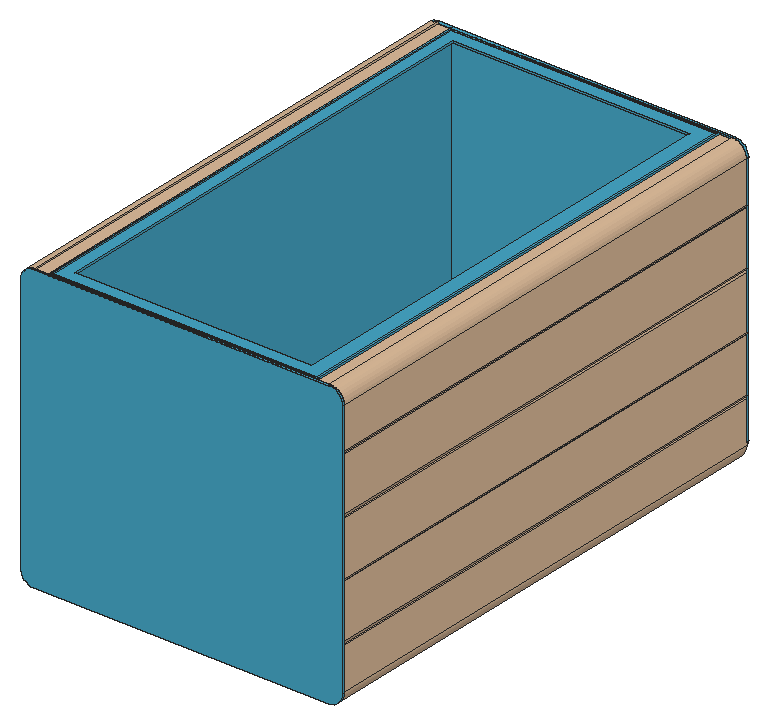
Revit family "product code 61216-S-L", category Meble, Revit 2021
Family settings
  Numer OmniClass = 23.40.20.00
  Tytuł OmniClass = General Furniture and Specialties
  Oparty na płaszczyźnie roboczej = Nie
  Zawsze pionowo = Tak
  Tnij formami wycięć po wczytaniu = Nie
  Współdzielony = Nie
  Punkt obliczania pomieszczeń = Nie
Parameters (values of type "61216-S-L")
  wood = Kobenhagen Wood - Larch
  metal = Kobenhagen RAL 5012
  Wood = none
  Width = "50 cm"
  Weight = "60 kg"
  URL = "https://kobenhagen.com/en_US/p/Frederiksberg-Rectangle-Plant-Case/149"
  Size = "130L"
  Product line = "Frederiksberg"
  Product Groups = "Plant Cases"
  Producent = "Lars Laj"
  Keynote = ""
  Opis = "Frederiksberg Rectangle Plant Case"
  Model = "61216-S-L"
  Metal = none
  Material = "Larch, stainless steel, powder coated steel"
  Maintenance = "We recommend to examine and tighten all screws and bolt clamps after a few weeks’ use. In order to prevent cracks and to extend the life of the wood, it is recommended that the wood details should be oiled every 3-5 years."
  Lenght = "80 cm"
  Type Comments = ""
  Kobenhagen Materials = "larslaj.com/bim"
  Hosted on larslaj.com = "https://larslaj.com/bim"
  Height = "46 cm"
  Domyślna rzędna = 0 mm
  Copyright = "All designs and drawings are the intellectual property of Lars Laj A/S and are protected by Danish and international copyright laws."
Reference planes
  plane 1 "front": y = 0
  plane 2: z = 0
  plane 3 "Środek (Lewa/Prawa)": x = 0
  plane 4 "back": y = 795.098
Forms (mm)
  Extrusion 1, solid, material "Kobenhagen RAL 5012" <- "metal", not visible
    sketch origin (0, 0, 0) x (0, 1, 0) y (0, 0, 1)
      loop
        arc (71.187, 451.5) -> (57.045, 445.642) -> (51.187, 431.5) r 20
        line (51.187, 431.5) -> (51.187, 18.231)
        arc (51.187, 18.231) -> (56.527, 5.34) -> (69.418, 0) r 18.231
        line (69.418, 0) -> (153.638, 0) -> (153.638, 15) -> (448.638, 15) -> (448.638, 0) -> (527.023, 0)
        arc (527.023, 0) -> (542.307, 6.331) -> (548.638, 21.615) r 21.615
        line (548.638, 21.615) -> (548.638, 429.407)
        arc (548.638, 429.407) -> (542.168, 445.029) -> (526.545, 451.5) r 22.093
        line (526.545, 451.5) -> (71.187, 451.5)
    from 750.378 to 745
  Extrusion 2, solid, material "Kobenhagen RAL 5012" <- "metal", not visible
    sketch origin (0, 0, 0) x (0, 1, 0) y (0, 0, 1)
      loop
        line (548.638, 396.844) -> (629.375, 854.725) -> (601.836, 859.581)
        arc (601.836, 859.581) -> (585.224, 855.898) -> (576.082, 841.547) r 22.232
        line (576.082, 841.547) -> (507.306, 451.5) -> (526.545, 451.5)
        arc (526.545, 451.5) -> (542.168, 445.029) -> (548.638, 429.407) r 22.093
        line (548.638, 429.407) -> (548.638, 396.844)
    from 745 to 750.378
  Extrusion 3, solid, material "Kobenhagen Wood - Larch" <- "wood"
    sketch origin (6.56, 533.799, 744) x (1, 0, 0) y (0, 0, 1)
      loop
        line (252.914, -641.5) -> (212, -641.5) -> (212, -731.97) -> (232.65, -731.97)
        arc (232.65, -731.97) -> (248.454, -725.424) -> (255, -709.621) r 22.35
        line (255, -709.621) -> (255, -643.586)
        arc (255, -643.586) -> (254.389, -642.111) -> (252.914, -641.5) r 2.086
    from -261.299 to 533.799
  Extrusion 4, solid, material "Kobenhagen Wood - Larch" <- "wood"
    sketch origin (6.56, 533.799, 839) x (1, 0, 0) y (0, 0, 1)
      loop
        line (253.57, -646.5) -> (212, -646.5) -> (212, -736.5) -> (252.105, -736.5)
        arc (252.105, -736.5) -> (254.152, -735.652) -> (255, -733.605) r 2.895
        line (255, -733.605) -> (255, -647.93)
        arc (255, -647.93) -> (254.581, -646.919) -> (253.57, -646.5) r 1.43
    from -261.299 to 533.799
  Extrusion 5, solid, material "Kobenhagen RAL 5012" <- "metal"
    sketch origin (6.56, 533.799, 35) x (1, 0, 0) y (0, 0, 1)
      loop
        arc (-233.5, 427.5) -> (-248.703, 421.203) -> (-255, 406) r 21.5
        line (-255, 406) -> (-255, -1.454)
        arc (-255, -1.454) -> (-248.703, -16.657) -> (-233.5, -22.954) r 21.5
        line (-233.5, -22.954) -> (233.5, -22.954)
        arc (233.5, -22.954) -> (248.703, -16.657) -> (255, -1.454) r 21.5
        line (255, -1.454) -> (255, 406)
        arc (255, 406) -> (248.703, 421.203) -> (233.5, 427.5) r 21.5
        line (233.5, 427.5) -> (-233.5, 427.5)
    from 533.799 to 536.016
  Extrusion 6, solid, material <- "Metal"
    sketch origin (6.56, 533.799, 0) x (1, 0, 0) y (0, 1, 0)
      loop
        line (-233.5, 261.299) -> (-233.5, -530.016) -> (232, -530.016) -> (232, 261.299) -> (-233.5, 261.299)
    from 12 to 19
  Extrusion 7, solid, material <- "Metal"
    sketch origin (6.56, 533.799, 0) x (1, 0, 0) y (0, 1, 0)
      loop
        line (-201.598, -114.603) -> (-201.598, -164.603) -> (-148.076, -164.603) -> (-148.076, -114.603) -> (-201.598, -114.603)
      loop
        line (151.598, -164.603) -> (201.598, -164.603) -> (201.598, -116.623) -> (151.598, -116.623) -> (151.598, -164.603)
      loop
        line (-201.598, -460.397) -> (-201.598, -510.397) -> (-151.598, -510.397) -> (-151.598, -460.397) -> (-201.598, -460.397)
      loop
        line (151.598, -460.397) -> (151.598, -510.397) -> (201.598, -510.397) -> (201.598, -460.397) -> (151.598, -460.397)
      loop
        line (-201.598, 240.397) -> (-201.598, 190.397) -> (-148.076, 190.397) -> (-148.076, 240.397) -> (-201.598, 240.397)
      loop
        line (151.598, 190.397) -> (201.598, 190.397) -> (201.598, 238.377) -> (151.598, 238.377) -> (151.598, 190.397)
    from 0 to 12
  Extrusion 8, solid, material "Kobenhagen RAL 5012" <- "metal"
    sketch origin (6.56, 533.799, 0) x (1, 0, 0) y (0, 0, 1)
      loop
        line (-255.619, 441) -> (-255.619, 40.5)
        arc (-255.619, 40.5) -> (-249.322, 25.297) -> (-234.119, 19) r 21.5
        line (-234.119, 19) -> (233.5, 19)
        arc (233.5, 19) -> (248.703, 25.297) -> (255, 40.5) r 21.5
        line (255, 40.5) -> (255, 441)
        arc (255, 441) -> (248.703, 456.203) -> (233.5, 462.5) r 21.5
        line (233.5, 462.5) -> (-234.119, 462.5)
        arc (-234.119, 462.5) -> (-249.322, 456.203) -> (-255.619, 441) r 21.5
    from -265.199 to -261.299
  Extrusion 9, solid, material "Kobenhagen RAL 5012" <- "metal"
    sketch origin (6.56, 533.799, 0) x (1, 0, 0) y (0, 1, 0)
      loop
        line (-212, 265.199) -> (-212, -533.799) -> (212, -533.799) -> (212, 265.199) -> (-212, 265.199)
      loop
        line (-208.789, 257.984) -> (-208.789, -530.838) -> (208.6, -530.838) -> (208.6, 257.984) -> (-208.789, 257.984)
    from 19 to 462.5
  Extrusion 10, solid, material "Kobenhagen Wood - Larch" <- "wood"
    sketch origin (6.56, 533.799, -454) x (1, 0, 0) y (0, 0, 1)
      loop
        arc (253.57, 646.5) -> (254.581, 646.919) -> (255, 647.93) r 1.43
        line (255, 647.93) -> (255, 733.605)
        arc (255, 733.605) -> (254.152, 735.652) -> (252.105, 736.5) r 2.895
        line (252.105, 736.5) -> (212, 736.5) -> (212, 646.5) -> (253.57, 646.5)
    from -261.299 to 533.799
  Extrusion 11, solid, material "Kobenhagen Wood - Larch" <- "wood"
    sketch origin (6.56, 533.799, 1019) x (1, 0, 0) y (0, 0, 1)
      loop
        line (253.57, -646.5) -> (212, -646.5) -> (212, -736.5) -> (252.105, -736.5)
        arc (252.105, -736.5) -> (254.152, -735.652) -> (255, -733.605) r 2.895
        line (255, -733.605) -> (255, -647.93)
        arc (255, -647.93) -> (254.581, -646.919) -> (253.57, -646.5) r 1.43
    from -261.299 to 533.799
  Extrusion 12, solid, material "Kobenhagen Wood - Larch" <- "wood"
    sketch origin (5.94, 533.799, 744) x (-1, 0, 0) y (0, 0, -1)
      loop
        arc (252.914, 641.5) -> (254.389, 642.111) -> (255, 643.586) r 2.086
        line (255, 643.586) -> (255, 709.621)
        arc (255, 709.621) -> (248.454, 725.424) -> (232.65, 731.97) r 22.35
        line (232.65, 731.97) -> (212, 731.97) -> (212, 641.5) -> (252.914, 641.5)
    from -257.984 to 533.799
  Extrusion 13, solid, material "Kobenhagen Wood - Larch" <- "wood"
    sketch origin (5.94, 533.799, 839) x (-1, 0, 0) y (0, 0, -1)
      loop
        arc (253.57, 646.5) -> (254.581, 646.919) -> (255, 647.93) r 1.43
        line (255, 647.93) -> (255, 733.605)
        arc (255, 733.605) -> (254.152, 735.652) -> (252.105, 736.5) r 2.895
        line (252.105, 736.5) -> (212, 736.5) -> (212, 646.5) -> (253.57, 646.5)
    from -257.984 to 533.799
  Extrusion 14, solid, material "Kobenhagen Wood - Larch" <- "wood"
    sketch origin (5.94, 533.799, -269) x (-1, 0, 0) y (0, 0, -1)
      loop
        line (252.914, -641.5) -> (212, -641.5) -> (212, -730.307) -> (232.65, -730.307) -> (232.65, -731.97)
        arc (232.65, -731.97) -> (248.454, -725.424) -> (255, -709.621) r 22.35
        line (255, -709.621) -> (255, -643.586)
        arc (255, -643.586) -> (254.389, -642.111) -> (252.914, -641.5) r 2.086
    from -261.299 to 533.799
  Extrusion 15, solid, material "Kobenhagen Wood - Larch" <- "wood"
    sketch origin (5.94, 533.799, -454) x (-1, 0, 0) y (0, 0, -1)
      loop
        line (253.57, -646.5) -> (212, -646.5) -> (212, -736.5) -> (252.105, -736.5)
        arc (252.105, -736.5) -> (254.152, -735.652) -> (255, -733.605) r 2.895
        line (255, -733.605) -> (255, -647.93)
        arc (255, -647.93) -> (254.581, -646.919) -> (253.57, -646.5) r 1.43
    from -257.984 to 533.799
  Extrusion 16, solid, material "Kobenhagen Wood - Larch" <- "wood"
    sketch origin (5.94, 533.799, 1019) x (-1, 0, 0) y (0, 0, -1)
      loop
        arc (253.57, 646.5) -> (254.581, 646.919) -> (255, 647.93) r 1.43
        line (255, 647.93) -> (255, 733.605)
        arc (255, 733.605) -> (254.152, 735.652) -> (252.105, 736.5) r 2.895
        line (252.105, 736.5) -> (212, 736.5) -> (212, 646.5) -> (253.57, 646.5)
    from -257.984 to 533.799
  Extrusion 17, solid, material "Kobenhagen Wood - Larch" <- "wood"
    sketch origin (6.56, 533.799, -269) x (1, 0, 0) y (0, 0, 1)
      loop
        arc (252.914, 641.5) -> (254.389, 642.111) -> (255, 643.586) r 2.086
        line (255, 643.586) -> (255, 709.621)
        arc (255, 709.621) -> (248.454, 725.424) -> (232.65, 731.97) r 22.35
        line (232.65, 731.97) -> (232.65, 730.307) -> (212, 730.307) -> (212, 641.5) -> (252.914, 641.5)
    from -261.299 to 533.799
  Extrusion 18, solid, material "Kobenhagen RAL 5012" <- "metal"
    sketch origin (0, 0, 0) x (1, 0, 0) y (0, 1, 0)
      loop
        line (-205.44, 795.098) -> (-205.44, 3.783) -> (218.56, 3.783) -> (218.56, 795.098) -> (-205.44, 795.098)
      loop
        line (-182.899, 770.098) -> (-182.899, 23.402) -> (192.509, 23.402) -> (192.509, 770.098) -> (-182.899, 770.098)
    from 459.975 to 462.5
Dimensions and locks
  aligned and locked: level to plane 2
  aligned and locked: plane 4 "back" to Extrusion 14
  aligned and locked: plane 1 "front" to Extrusion 3
  aligned and locked: plane 1 "front" to Extrusion 12
